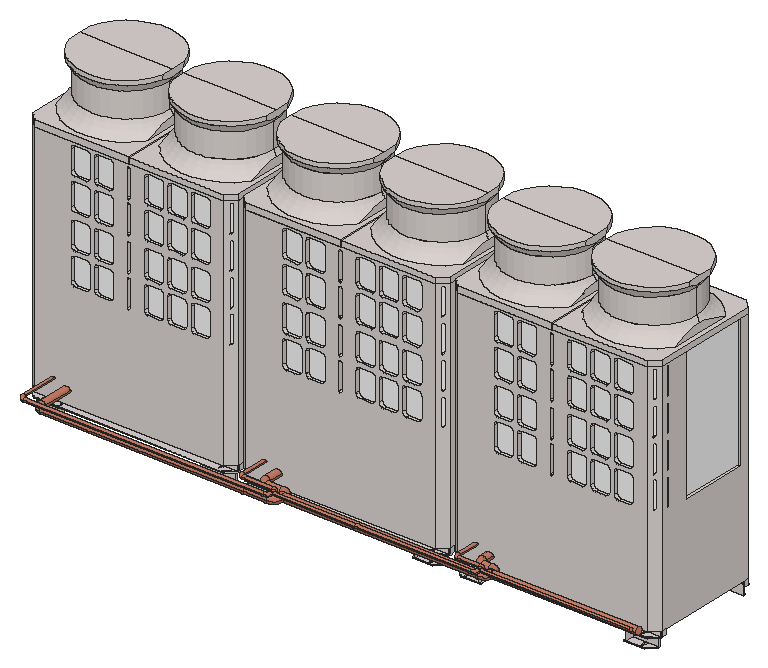
Revit family "PUHY-EP1100YSNW-A1", category 機械設備, Revit 2016 (continued)
Definition of nested family "PUHY-EP400YNW-A1"
  Cuts and joins
    Extrusion 2, Extrusion 3, Extrusion 4, Extrusion 5, Extrusion 6, Extrusion 7, Extrusion 8, Extrusion 9, Extrusion 10, Extrusion 11, Extrusion 12, Extrusion 13, Extrusion 14, Extrusion 15, Extrusion 16, Extrusion 17, Extrusion 18, Extrusion 19, Extrusion 20, Extrusion 21, Extrusion 22, Extrusion 23, Extrusion 24, Extrusion 25, Extrusion 26, Extrusion 27, Extrusion 28, Extrusion 29, Extrusion 30, Extrusion 31, Extrusion 32, Extrusion 33 cuts Extrusion 1
  Lines and regions (mm)
    model lines
      curve 1: line (-351, -291, 95) -> (-481, -291, 95)
      curve 2: line (-342, -206, 95) -> (-342, -282, 95)
      curve 3: line (-481, -197, 95) -> (-351, -197, 95)
      curve 4: line (-492, -280, 95) -> (-492, -208, 95)
      curve 5: arc (-492, -280, 95) -> (-488.778, -287.778, 95) -> (-481, -291, 95) r 11
      curve 6: arc (-351, -291, 95) -> (-344.636, -288.364, 95) -> (-342, -282, 95) r 9
      curve 7: arc (-342, -206, 95) -> (-344.636, -199.636, 95) -> (-351, -197, 95) r 9
      curve 8: arc (-481, -197, 95) -> (-488.778, -200.222, 95) -> (-492, -208, 95) r 11
      curve 9: line (-30, -370, 1521) -> (-30, -370, 95)
      curve 10: line (30, -370, 1521) -> (30, -370, 95)
      curve 11: line (-485, -370, 215) -> (-357, -370, 215)
      curve 12: line (-495, -370, 141) -> (-495, -370, 205)
      curve 13: line (-357, -370, 131) -> (-485, -370, 131)
      curve 14: line (-347, -370, 205) -> (-347, -370, 141)
      curve 15: arc (-485, -370, 215) -> (-492.071, -370, 212.071) -> (-495, -370, 205) r 10
      curve 16: arc (-495, -370, 141) -> (-492.071, -370, 133.929) -> (-485, -370, 131) r 10
      curve 17: arc (-357, -370, 131) -> (-349.929, -370, 133.929) -> (-347, -370, 141) r 10
      curve 18: arc (-347, -370, 205) -> (-349.929, -370, 212.071) -> (-357, -370, 215) r 10
      curve 19: line (-405, -370, 1521) -> (-405, -370, 716)
      curve 20: line (620, -162.3, 1521) -> (620, -162.3, 95)
      curve 21: line (620, 289.2, 1521) -> (620, 289.2, 95)
      curve 22: line (620, -162.3, 705) -> (620, 289.2, 705)
      curve 23: line (620, -162.3, 725) -> (620, 289.2, 725)
      curve 24: line (620, -76.8, 583) -> (620, 203.2, 583)
      curve 25: line (620, 203.2, 563) -> (620, -76.8, 563)
      curve 26: arc (620, -76.8, 583) -> (620, -83.871, 580.071) -> (620, -86.8, 573) r 10
      curve 27: arc (620, -76.8, 563) -> (620, -83.871, 565.929) -> (620, -86.8, 573) r 10
      curve 28: arc (620, 203.2, 583) -> (620, 210.271, 580.071) -> (620, 213.2, 573) r 10
      curve 29: arc (620, 203.2, 563) -> (620, 210.271, 565.929) -> (620, 213.2, 573) r 10
      curve 30: line (620, -76.8, 478) -> (620, 203.2, 478)
      curve 31: line (620, 203.2, 458) -> (620, -76.8, 458)
      curve 32: arc (620, -76.8, 478) -> (620, -83.871, 475.071) -> (620, -86.8, 468) r 10
      curve 33: arc (620, -76.8, 458) -> (620, -83.871, 460.929) -> (620, -86.8, 468) r 10
      curve 34: arc (620, 203.2, 478) -> (620, 210.271, 475.071) -> (620, 213.2, 468) r 10
      curve 35: arc (620, 203.2, 458) -> (620, 210.271, 460.929) -> (620, 213.2, 468) r 10
      curve 36: line (620, -76.8, 373) -> (620, 203.2, 373)
      curve 37: line (620, 203.2, 353) -> (620, -76.8, 353)
      curve 38: arc (620, -76.8, 373) -> (620, -83.871, 370.071) -> (620, -86.8, 363) r 10
      curve 39: arc (620, -76.8, 353) -> (620, -83.871, 355.929) -> (620, -86.8, 363) r 10
      curve 40: arc (620, 203.2, 373) -> (620, 210.271, 370.071) -> (620, 213.2, 363) r 10
      curve 41: arc (620, 203.2, 353) -> (620, 210.271, 355.929) -> (620, 213.2, 363) r 10
      curve 42: line (620, -76.8, 268) -> (620, 203.2, 268)
      curve 43: line (620, 203.2, 248) -> (620, -76.8, 248)
      curve 44: arc (620, -76.8, 268) -> (620, -83.871, 265.071) -> (620, -86.8, 258) r 10
      curve 45: arc (620, -76.8, 248) -> (620, -83.871, 250.929) -> (620, -86.8, 258) r 10
      curve 46: arc (620, 203.2, 268) -> (620, 210.271, 265.071) -> (620, 213.2, 258) r 10
      curve 47: arc (620, 203.2, 248) -> (620, 210.271, 250.929) -> (620, 213.2, 258) r 10
      curve 48: line (-620, -162.3, 1521) -> (-620, -162.3, 95)
      curve 49: line (-620, 235.7, 1521) -> (-620, 235.7, 95)
      curve 50: line (-620, -112.3, 1521) -> (-620, -112.3, 705)
      curve 51: line (-620, 215.7, 1521) -> (-620, 215.7, 705)
      curve 52: line (-620, 235.7, 705) -> (-620, -162.3, 705)
      curve 53: line (-620, 176.7, 268) -> (-620, -103.3, 268)
      curve 54: line (-620, -103.3, 248) -> (-620, 176.7, 248)
      curve 55: arc (-620, 186.7, 258) -> (-620, 183.771, 265.071) -> (-620, 176.7, 268) r 10
      curve 56: arc (-620, 176.7, 248) -> (-620, 183.771, 250.929) -> (-620, 186.7, 258) r 10
      curve 57: arc (-620, -103.3, 268) -> (-620, -110.371, 265.071) -> (-620, -113.3, 258) r 10
      curve 58: arc (-620, -113.3, 258) -> (-620, -110.371, 250.929) -> (-620, -103.3, 248) r 10
      curve 59: line (-620, 176.7, 373) -> (-620, -103.3, 373)
      curve 60: line (-620, -103.3, 353) -> (-620, 176.7, 353)
      curve 61: arc (-620, 186.7, 363) -> (-620, 183.771, 370.071) -> (-620, 176.7, 373) r 10
      curve 62: arc (-620, 176.7, 353) -> (-620, 183.771, 355.929) -> (-620, 186.7, 363) r 10
      curve 63: arc (-620, -103.3, 373) -> (-620, -110.371, 370.071) -> (-620, -113.3, 363) r 10
      curve 64: arc (-620, -113.3, 363) -> (-620, -110.371, 355.929) -> (-620, -103.3, 353) r 10
      curve 65: line (-620, 176.7, 478) -> (-620, -103.3, 478)
      curve 66: line (-620, -103.3, 458) -> (-620, 176.7, 458)
      curve 67: arc (-620, 186.7, 468) -> (-620, 183.771, 475.071) -> (-620, 176.7, 478) r 10
      curve 68: arc (-620, 176.7, 458) -> (-620, 183.771, 460.929) -> (-620, 186.7, 468) r 10
      curve 69: arc (-620, -103.3, 478) -> (-620, -110.371, 475.071) -> (-620, -113.3, 468) r 10
      curve 70: arc (-620, -113.3, 468) -> (-620, -110.371, 460.929) -> (-620, -103.3, 458) r 10
      curve 71: line (-620, 176.7, 583) -> (-620, -103.3, 583)
      curve 72: line (-620, -103.3, 563) -> (-620, 176.7, 563)
      curve 73: arc (-620, 186.7, 573) -> (-620, 183.771, 580.071) -> (-620, 176.7, 583) r 10
      curve 74: arc (-620, 176.7, 563) -> (-620, 183.771, 565.929) -> (-620, 186.7, 573) r 10
      curve 75: arc (-620, -103.3, 583) -> (-620, -110.371, 580.071) -> (-620, -113.3, 573) r 10
      curve 76: arc (-620, -113.3, 573) -> (-620, -110.371, 565.929) -> (-620, -103.3, 563) r 10
      curve 77: line (-544, 370, 1521) -> (-544, 370, 95)
      curve 78: line (489, 370, 649) -> (30, 370, 649)
      curve 79: line (-30.5, 370, 649) -> (-544, 370, 649)
      curve 80: line (-147.25, 370, 584) -> (-427.25, 370, 584)
      curve 81: line (-427.25, 370, 564) -> (-147.25, 370, 564)
      curve 82: arc (-137.25, 370, 574) -> (-140.179, 370, 581.071) -> (-147.25, 370, 584) r 10
      curve 83: arc (-147.25, 370, 564) -> (-140.179, 370, 566.929) -> (-137.25, 370, 574) r 10
      curve 84: arc (-427.25, 370, 584) -> (-434.321, 370, 581.071) -> (-437.25, 370, 574) r 10
      curve 85: arc (-437.25, 370, 574) -> (-434.321, 370, 566.929) -> (-427.25, 370, 564) r 10
      curve 86: circle (448, -185, 1521) r 15 normal (0, 0, 1)
      curve 87: circle (468, -185, 95) r 26 normal (0, 0, 1)
      curve 88: circle (448, -260, 95) r 32.5 normal (0, 0, 1)
      curve 89: circle (404, -204, 95) r 17 normal (0, 0, 1)
      curve 90: line (-550, -370, 1521) -> (-550, -370, 95)
      curve 91: line (-550, -370, 716) -> (-30, -370, 716)
      curve 92: line (550, -370, 95) -> (550, -370, 1521)
      curve 93: line (30, -370, 716) -> (550, -370, 716)
      curve 94: line (-30.5, 370, 1521) -> (-30.5, 370, 95)
      curve 95: line (30, 370, 1521) -> (30, 370, 95)
      curve 96: line (489, 370, 1521) -> (489, 370, 95)
      curve 97: line (467, 370, 669) -> (467, 370, 649)
      curve 98: line (-352, -370, 223) -> (-550, -370, 223)
      curve 99: line (-342, -370, 213) -> (-342, -370, 95)
      curve 100: arc (-342, -370, 213) -> (-344.929, -370, 220.071) -> (-352, -370, 223) r 10
      curve 101: circle (488, -370, 160) r 32.5 normal (0, -1, 0)
      curve 102: circle (488, -370, 160) r 20 normal (0, -1, 0)
      curve 103: circle (364, -370, 150) r 17 normal (0, -1, 0)
      curve 104: circle (413, -370, 185) r 26 normal (0, -1, 0)
      curve 105: circle (413, -370, 185) r 13.5 normal (0, -1, 0)
      curve 106: line (352, -370, 223) -> (550, -370, 223)
      curve 107: line (342, -370, 213) -> (342, -370, 95)
      curve 108: arc (342, -370, 213) -> (344.929, -370, 220.071) -> (352, -370, 223) r 10
      curve 109: line (-147.25, 370, 479) -> (-427.25, 370, 479)
      curve 110: line (-427.25, 370, 459) -> (-147.25, 370, 459)
      curve 111: arc (-137.25, 370, 469) -> (-140.179, 370, 476.071) -> (-147.25, 370, 479) r 10
      curve 112: arc (-147.25, 370, 459) -> (-140.179, 370, 461.929) -> (-137.25, 370, 469) r 10
      curve 113: arc (-427.25, 370, 479) -> (-434.321, 370, 476.071) -> (-437.25, 370, 469) r 10
      curve 114: arc (-437.25, 370, 469) -> (-434.321, 370, 461.929) -> (-427.25, 370, 459) r 10
      curve 115: line (-147.25, 370, 374) -> (-427.25, 370, 374)
      curve 116: line (-427.25, 370, 354) -> (-147.25, 370, 354)
      curve 117: arc (-137.25, 370, 364) -> (-140.179, 370, 371.071) -> (-147.25, 370, 374) r 10
      curve 118: arc (-147.25, 370, 354) -> (-140.179, 370, 356.929) -> (-137.25, 370, 364) r 10
      curve 119: arc (-427.25, 370, 374) -> (-434.321, 370, 371.071) -> (-437.25, 370, 364) r 10
      curve 120: arc (-437.25, 370, 364) -> (-434.321, 370, 356.929) -> (-427.25, 370, 354) r 10
      curve 121: line (-147.25, 370, 269) -> (-427.25, 370, 269)
      curve 122: line (-427.25, 370, 249) -> (-147.25, 370, 249)
      curve 123: arc (-137.25, 370, 259) -> (-140.179, 370, 266.071) -> (-147.25, 370, 269) r 10
      curve 124: arc (-147.25, 370, 249) -> (-140.179, 370, 251.929) -> (-137.25, 370, 259) r 10
      curve 125: arc (-427.25, 370, 269) -> (-434.321, 370, 266.071) -> (-437.25, 370, 259) r 10
      curve 126: arc (-437.25, 370, 259) -> (-434.321, 370, 251.929) -> (-427.25, 370, 249) r 10
      curve 127: line (399.5, 370, 584) -> (119.5, 370, 584)
      curve 128: line (119.5, 370, 564) -> (399.5, 370, 564)
      curve 129: arc (409.5, 370, 574) -> (406.571, 370, 581.071) -> (399.5, 370, 584) r 10
      curve 130: arc (399.5, 370, 564) -> (406.571, 370, 566.929) -> (409.5, 370, 574) r 10
      curve 131: arc (119.5, 370, 584) -> (112.429, 370, 581.071) -> (109.5, 370, 574) r 10
      curve 132: arc (109.5, 370, 574) -> (112.429, 370, 566.929) -> (119.5, 370, 564) r 10
      curve 133: line (399.5, 370, 479) -> (119.5, 370, 479)
      curve 134: line (119.5, 370, 459) -> (399.5, 370, 459)
      curve 135: arc (409.5, 370, 469) -> (406.571, 370, 476.071) -> (399.5, 370, 479) r 10
      curve 136: arc (399.5, 370, 459) -> (406.571, 370, 461.929) -> (409.5, 370, 469) r 10
      curve 137: arc (119.5, 370, 479) -> (112.429, 370, 476.071) -> (109.5, 370, 469) r 10
      curve 138: arc (109.5, 370, 469) -> (112.429, 370, 461.929) -> (119.5, 370, 459) r 10
      curve 139: line (399.5, 370, 374) -> (119.5, 370, 374)
      curve 140: line (119.5, 370, 354) -> (399.5, 370, 354)
      curve 141: arc (409.5, 370, 364) -> (406.571, 370, 371.071) -> (399.5, 370, 374) r 10
      curve 142: arc (399.5, 370, 354) -> (406.571, 370, 356.929) -> (409.5, 370, 364) r 10
      curve 143: arc (119.5, 370, 374) -> (112.429, 370, 371.071) -> (109.5, 370, 364) r 10
      curve 144: arc (109.5, 370, 364) -> (112.429, 370, 356.929) -> (119.5, 370, 354) r 10
      curve 145: line (399.5, 370, 269) -> (119.5, 370, 269)
      curve 146: line (119.5, 370, 249) -> (399.5, 370, 249)
      curve 147: arc (409.5, 370, 259) -> (406.571, 370, 266.071) -> (399.5, 370, 269) r 10
      curve 148: arc (399.5, 370, 249) -> (406.571, 370, 251.929) -> (409.5, 370, 259) r 10
      curve 149: arc (119.5, 370, 269) -> (112.429, 370, 266.071) -> (109.5, 370, 259) r 10
      curve 150: arc (109.5, 370, 259) -> (112.429, 370, 251.929) -> (119.5, 370, 249) r 10
      curve 151: line (399.5, -370, 584) -> (119.5, -370, 584)
      curve 152: line (119.5, -370, 564) -> (399.5, -370, 564)
      curve 153: arc (409.5, -370, 574) -> (406.571, -370, 581.071) -> (399.5, -370, 584) r 10
      curve 154: arc (399.5, -370, 564) -> (406.571, -370, 566.929) -> (409.5, -370, 574) r 10
      curve 155: arc (119.5, -370, 584) -> (112.429, -370, 581.071) -> (109.5, -370, 574) r 10
      curve 156: arc (109.5, -370, 574) -> (112.429, -370, 566.929) -> (119.5, -370, 564) r 10
      curve 157: line (399.5, -370, 479) -> (119.5, -370, 479)
      curve 158: line (119.5, -370, 459) -> (399.5, -370, 459)
      curve 159: arc (409.5, -370, 469) -> (406.571, -370, 476.071) -> (399.5, -370, 479) r 10
      curve 160: arc (399.5, -370, 459) -> (406.571, -370, 461.929) -> (409.5, -370, 469) r 10
      curve 161: arc (119.5, -370, 479) -> (112.429, -370, 476.071) -> (109.5, -370, 469) r 10
      curve 162: arc (109.5, -370, 469) -> (112.429, -370, 461.929) -> (119.5, -370, 459) r 10
      curve 163: line (399.5, -370, 374) -> (119.5, -370, 374)
      curve 164: line (119.5, -370, 354) -> (399.5, -370, 354)
      curve 165: arc (409.5, -370, 364) -> (406.571, -370, 371.071) -> (399.5, -370, 374) r 10
      curve 166: arc (399.5, -370, 354) -> (406.571, -370, 356.929) -> (409.5, -370, 364) r 10
      curve 167: arc (119.5, -370, 374) -> (112.429, -370, 371.071) -> (109.5, -370, 364) r 10
      curve 168: arc (109.5, -370, 364) -> (112.429, -370, 356.929) -> (119.5, -370, 354) r 10
      curve 169: arc (119.5, -370, 269) -> (112.429, -370, 266.071) -> (109.5, -370, 259) r 10
      curve 170: arc (109.5, -370, 259) -> (112.429, -370, 251.929) -> (119.5, -370, 249) r 10
      curve 171: line (-147.25, -370, 584) -> (-427.25, -370, 584)
      curve 172: line (-427.25, -370, 564) -> (-147.25, -370, 564)
      curve 173: arc (-137.25, -370, 574) -> (-140.179, -370, 581.071) -> (-147.25, -370, 584) r 10
      curve 174: arc (-147.25, -370, 564) -> (-140.179, -370, 566.929) -> (-137.25, -370, 574) r 10
      curve 175: arc (-427.25, -370, 584) -> (-434.321, -370, 581.071) -> (-437.25, -370, 574) r 10
      curve 176: arc (-437.25, -370, 574) -> (-434.321, -370, 566.929) -> (-427.25, -370, 564) r 10
      curve 177: line (-147.25, -370, 479) -> (-427.25, -370, 479)
      curve 178: line (-427.25, -370, 459) -> (-147.25, -370, 459)
      curve 179: arc (-137.25, -370, 469) -> (-140.179, -370, 476.071) -> (-147.25, -370, 479) r 10
      curve 180: arc (-147.25, -370, 459) -> (-140.179, -370, 461.929) -> (-137.25, -370, 469) r 10
      curve 181: arc (-427.25, -370, 479) -> (-434.321, -370, 476.071) -> (-437.25, -370, 469) r 10
      curve 182: arc (-437.25, -370, 469) -> (-434.321, -370, 461.929) -> (-427.25, -370, 459) r 10
      curve 183: line (-147.25, -370, 374) -> (-427.25, -370, 374)
      curve 184: line (-427.25, -370, 354) -> (-147.25, -370, 354)
      curve 185: arc (-137.25, -370, 364) -> (-140.179, -370, 371.071) -> (-147.25, -370, 374) r 10
      curve 186: arc (-147.25, -370, 354) -> (-140.179, -370, 356.929) -> (-137.25, -370, 364) r 10
      curve 187: arc (-427.25, -370, 374) -> (-434.321, -370, 371.071) -> (-437.25, -370, 364) r 10
      curve 188: arc (-437.25, -370, 364) -> (-434.321, -370, 356.929) -> (-427.25, -370, 354) r 10
      curve 189: line (-147.25, -370, 269) -> (-262.25, -370, 269)
      curve 190: line (-262.25, -370, 249) -> (-147.25, -370, 249)
      curve 191: arc (-137.25, -370, 259) -> (-140.179, -370, 266.071) -> (-147.25, -370, 269) r 10
      curve 192: arc (-147.25, -370, 249) -> (-140.179, -370, 251.929) -> (-137.25, -370, 259) r 10
      curve 193: arc (-262.25, -370, 269) -> (-269.321, -370, 266.071) -> (-272.25, -370, 259) r 10
      curve 194: arc (-272.25, -370, 259) -> (-269.321, -370, 251.929) -> (-262.25, -370, 249) r 10
      curve 195: line (234.5, -370, 269) -> (119.5, -370, 269)
      curve 196: line (119.5, -370, 249) -> (234.5, -370, 249)
      curve 197: arc (244.5, -370, 259) -> (241.571, -370, 266.071) -> (234.5, -370, 269) r 10
      curve 198: arc (234.5, -370, 249) -> (241.571, -370, 251.929) -> (244.5, -370, 259) r 10
  Dimensions and locks
    nested 2 to nested 2 = 303.000 mm
    cut or joined group 1 (Extrusion 1, Extrusion 2, Extrusion 3, Extrusion 4, Extrusion 5, Extrusion 6, Extrusion 7, Extrusion 8, Extrusion 9, Extrusion 10, Extrusion 11, Extrusion 12, Extrusion 13, Extrusion 14, Extrusion 15, Extrusion 16, Extrusion 17, Extrusion 18, Extrusion 19, Extrusion 20, Extrusion 21, Extrusion 22, Extrusion 23, Extrusion 24, Extrusion 25, Extrusion 26, Extrusion 27, Extrusion 28, Extrusion 29, Extrusion 30, Extrusion 31, Extrusion 32, Extrusion 33) to cut or joined group 1 = 1240.000 mm
    Extrusion 2 sketch curve to Extrusion 2 sketch curve = 116.800 mm
    Extrusion 2 sketch curve to Extrusion 2 sketch curve = 170.800 mm
    Extrusion 3 sketch curve to Extrusion 3 sketch curve = 116.800 mm
    Extrusion 3 sketch curve to Extrusion 3 sketch curve = 170.800 mm
    Extrusion 4 sketch curve to Extrusion 4 sketch curve = 116.800 mm
    Extrusion 4 sketch curve to Extrusion 4 sketch curve = 170.800 mm
    Extrusion 5 sketch curve to Extrusion 5 sketch curve = 116.800 mm
    Extrusion 5 sketch curve to Extrusion 5 sketch curve = 170.800 mm
    Extrusion 6 sketch curve to Extrusion 6 sketch curve = 116.800 mm
    Extrusion 6 sketch curve to Extrusion 6 sketch curve = 170.800 mm
    Extrusion 7 sketch curve to Extrusion 7 sketch curve = 116.800 mm
    Extrusion 7 sketch curve to Extrusion 7 sketch curve = 170.800 mm
    Extrusion 8 sketch curve to Extrusion 8 sketch curve = 116.800 mm
    Extrusion 8 sketch curve to Extrusion 8 sketch curve = 170.800 mm
    Extrusion 9 sketch curve to Extrusion 9 sketch curve = 116.800 mm
    Extrusion 9 sketch curve to Extrusion 9 sketch curve = 170.800 mm
    cut or joined group 1 to cut or joined group 1 = 50.000 mm  (x2)
    Extrusion 10 sketch curve to Extrusion 10 sketch curve = 116.800 mm
    Extrusion 10 sketch curve to Extrusion 10 sketch curve = 170.800 mm
    Extrusion 11 sketch curve to Extrusion 11 sketch curve = 116.800 mm
    Extrusion 11 sketch curve to Extrusion 11 sketch curve = 170.800 mm
    Extrusion 12 sketch curve to Extrusion 12 sketch curve = 116.800 mm
    Extrusion 12 sketch curve to Extrusion 12 sketch curve = 170.800 mm
    Extrusion 13 sketch curve to Extrusion 13 sketch curve = 116.800 mm
    Extrusion 13 sketch curve to Extrusion 13 sketch curve = 170.800 mm
    Extrusion 14 sketch curve to Extrusion 14 sketch curve = 116.800 mm
    Extrusion 14 sketch curve to Extrusion 14 sketch curve = 170.800 mm
    Extrusion 15 sketch curve to Extrusion 15 sketch curve = 116.800 mm
    Extrusion 15 sketch curve to Extrusion 15 sketch curve = 170.800 mm
    Extrusion 16 sketch curve to Extrusion 16 sketch curve = 116.800 mm
    Extrusion 16 sketch curve to Extrusion 16 sketch curve = 170.800 mm
    Extrusion 17 sketch curve to Extrusion 17 sketch curve = 116.800 mm
    Extrusion 17 sketch curve to Extrusion 17 sketch curve = 170.800 mm
    Extrusion 18 sketch curve to Extrusion 18 sketch curve = 116.800 mm
    Extrusion 18 sketch curve to Extrusion 18 sketch curve = 170.800 mm
    Extrusion 19 sketch curve to Extrusion 19 sketch curve = 116.800 mm
    Extrusion 19 sketch curve to Extrusion 19 sketch curve = 170.800 mm
    Extrusion 20 sketch curve to Extrusion 20 sketch curve = 116.800 mm
    Extrusion 20 sketch curve to Extrusion 20 sketch curve = 170.800 mm
    Extrusion 21 sketch curve to Extrusion 21 sketch curve = 116.800 mm
    Extrusion 21 sketch curve to Extrusion 21 sketch curve = 170.800 mm
    plane 3 "Center (Left/Right)" to cut or joined group 1 = 620.000 mm
    cut or joined group 1 to plane 3 "Center (Left/Right)" = 620.000 mm
    Extrusion 1 sketch curve to Extrusion 1 sketch curve = 1240.000 mm
    cut or joined group 1 to plane 8 = 185.000 mm
    cut or joined group 1 to plane 7 = 166.000 mm
    cut or joined group 1 to plane 6 = 110.000 mm
    cut or joined group 1 to plane 12 to cut or joined group 1 = 805.000 mm, 621.000 mm
    plane 5 to plane 2 = 1858.000 mm  (x2)
    cut or joined group 1 to plane 19 "132" = 132.000 mm
    cut or joined group 1 to plane 22 = 207.000 mm
    cut or joined group 1 to plane 23 = 256.000 mm
    cut or joined group 1 to plane 6 = 60.000 mm
    cut or joined group 1 to cut or joined group 1 = 42.154 mm
    cut or joined group 1 to cut or joined group 1 = 11.895 mm
    nested 1 to nested 3 to level = 1798.000 mm, 60.000 mm
    nested 1 to nested 1 = 303.000 mm
    nested 1 to nested 3 = 1495.000 mm
    nested 8 to nested 8 to nested 8 to nested 7 to nested 7 to nested 7 = 54.000 mm, 20.000 mm, 592.000 mm, 20.000 mm, 54.000 mm
    nested 3 to nested 3 = 56.000 mm
    plane 11 to plane 31 to plane 32 to cut or joined group 1 = 90.000 mm, 1060.000 mm, 90.000 mm
    curve 103 to nested 7 = 90.000 mm
    curve 104 to nested 7 = 125.000 mm
    curve 101 to nested 7 = 100.000 mm
    curve 11 to curve 13 to nested 7 = 84.000 mm, 71.000 mm
    cut or joined group 1 to curve 12 to curve 14 = 125.000 mm, 148.000 mm
    nested 2 to nested 7 = 1495.000 mm
    curve 87 to cut or joined group 1 = 152.000 mm
    curve 88 to cut or joined group 1 = 172.000 mm
    curve 89 to cut or joined group 1 = 216.000 mm
    cut or joined group 1 to curve 4 to curve 2 = 128.000 mm, 150.000 mm
    cut or joined group 1 to curve 1 to curve 3 = 79.000 mm, 94.000 mm
    Extrusion 32 sketch curve to nested 7 = 116.000 mm
    cut or joined group 1 to Extrusion 32 sketch curve = 160.000 mm
    cut or joined group 1 to Extrusion 33 sketch curve = 243.000 mm
    Extrusion 33 sketch curve to nested 7 = 116.000 mm
    aligned and locked: level to plane 2
    aligned and locked: Extrusion 1 to plane 4
  Nested families
    nested 1: "FAN GUARD" at (-311.5, 2, 860), type "FAN GUARD"
      with WIDTH 870.000 mm
    nested 2: "FAN GUARD" at (311.5, 2, 860) x (-1, 0, 0) z (0, 0, 1), type "FAN GUARD"
      with WIDTH 870.000 mm
    nested 3: "ATTACHMENT LEG" at (-524, -349, 0), type "ATTACHMENT LEG"
    nested 4: "ATTACHMENT LEG" at (-524, 349, 0), type "ATTACHMENT LEG"
    nested 5: "ATTACHMENT LEG" at (524, -349, 0) x (-1, 0, 0) z (0, 0, 1), type "ATTACHMENT LEG"
    nested 6: "ATTACHMENT LEG" at (524, 349, 0) x (-1, 0, 0) z (0, 0, 1), type "ATTACHMENT LEG"
    nested 7: "BASE LEG_L_" at (0, -352, 60), type "BASE LEG_L_"
      with Width 1240.000 mm
    nested 8: "BASE LEG_L_" at (0, 352, 60), type "BASE LEG_L_"
      with Width 1240.000 mm
  Connectors
    piping at (-460, -191, 176), diameter 25.4, driven by "Liquid pipe_radius"
      settings: on cut or joined group 1, index 3, connector inside diameter 25.4 mm, connector length 0.000 mm, flow factor 0, pipe flow 0.0 L/s, pressure drop 0.0 Pa, fitting loss kfactor 0, connector angle 0.00°, fixture units 0, engagement length 0.000 mm, angle of deflection 0.00°, flow configuration 0, flow direction 0, fitting loss method 0, system type 22, joint type 0, gender type 0, connector reference index -1, connector utility 0, adjustable connector no, is connector primary yes, connector description "Refrigerant service valve<Liquid pipe>"
    piping at (-377, -191, 176), diameter 28.58, driven by "Gas pipe_radius"
      settings: on cut or joined group 1, index 4, connector inside diameter 28.58 mm, connector length 0.000 mm, flow factor 0, pipe flow 0.0 L/s, pressure drop 0.0 Pa, fitting loss kfactor 0, connector angle 0.00°, fixture units 0, engagement length 0.000 mm, angle of deflection 0.00°, flow configuration 0, flow direction 0, fitting loss method 0, system type 22, joint type 0, gender type 0, connector reference index -1, connector utility 0, adjustable connector no, is connector primary no, connector description "Refrigerant service valve<Gas>"
    electrical at (0, -370, 808)
      settings: on cut or joined group 1, index 5, voltage 0 V, apparent load 0 VA, apparent load phase1 0 VA, apparent load phase2 0 VA, apparent load phase3 0 VA, power factor 1, load classification none, number of poles 1, system type 30, power factor state 1, is connector primary yes, connector utility no, sub classification motor no, connector description ""
  Definition of nested family "FAN GUARD"
    Parameters
      WIDTH [instance] = 870.000 mm
    Reference planes
      plane 1 "中心(正面/背面)": y = -2
      plane 2: z = 0
      plane 3 "ファンガード基準面": z = 661
      plane 4: y = 368
      plane 5: x = 366
      plane 6: x = -375
      plane 7 "ファンガード基準上面": z = 695
      plane 8 "ファンガード上面": z = 998
      plane 9: x = -273.971
      plane 10: x = 308.5
      plane 11: x = -308.5
      plane 12: x = 0
    Forms (mm)
      Extrusion 1, solid
        sketch origin (85, 0, 661) x (-1, 0, 0) y (0, -1, 0)
          loop
            line (343.5, -368) -> (393.5, -318) -> (393.5, 322) -> (343.5, 372) -> (-223.5, 372) -> (-223.5, -368) -> (343.5, -368)
        from 0 to 34
      Revolve 2, solid
        sketch origin (0, -2, 0) x (1, 0, 0) y (0, 0, 1)
          loop
            line (0, 695) -> (0, 998) -> (-290, 998) -> (-290, 972.327) -> (-260, 928.372) -> (-260, 777.384)
            arc (-260, 777.384) -> (-290.651, 730.137) -> (-334.665, 695) r 175.882
            line (-334.665, 695) -> (0, 695)
          axis (0, 998) -> (0, 695)
        angle from 0 to 360
      Extrusion 3, void
        sketch origin (-840, 75, 695) x (-1, 0, 0) y (0, -1, 0)
          loop
            line (-410, -165) -> (-410, 315) -> (-561.253, 315) -> (-561.253, -165) -> (-410, -165)
        from -35 to 430.592
      Extrusion 4, void
        sketch origin (840, 75, 695) x (1, 0, 0) y (0, 1, 0)
          loop
            line (-410, 165) -> (-561.253, 165) -> (-561.253, -315) -> (-410, -315) -> (-410, 165)
        from 0 to 430.592
    Cuts and joins
      Extrusion 3, Extrusion 4 cuts Revolve 2
      Extrusion 4 cuts Extrusion 1
    Lines and regions (mm)
      model lines
        curve 1: line (-278.747, 0, 998) -> (-80, 0, 998)
        curve 2: line (80, 0, 998) -> (278.747, 0, 998)
        curve 3: circle (0, 0, 998) r 80 normal (0, 0, 1)
        curve 4: line (-278.747, -80, 998) -> (278.747, -80, 998)
        curve 5: line (-241.868, -160, 998) -> (241.868, -160, 998)
        curve 6: line (-162.788, -240, 998) -> (162.788, -240, 998)
        curve 7: line (-278.747, 80, 998) -> (278.747, 80, 998)
        curve 8: line (-241.868, 160, 998) -> (240, 160, 998)
        curve 9: line (-160, 240, 998) -> (162.788, 240, 998)
        curve 10: line (0, 290, 998) -> (0, -290, 998)
        curve 11: line (-20, 289.31, 998) -> (-20, -289.31, 998)
        curve 12: line (-40, 287.228, 998) -> (-40, -287.228, 998)
        curve 13: line (-60, 283.725, 998) -> (-60, -283.725, 998)
        curve 14: line (-80, 278.747, 998) -> (-80, -278.747, 998)
        curve 15: line (20, 289.31, 998) -> (20, -289.31, 998)
        curve 16: line (40, 287.228, 998) -> (40, -287.228, 998)
        curve 17: line (60, 283.725, 998) -> (60, -283.725, 998)
        curve 18: line (80, 278.747, 998) -> (80, -278.747, 998)
        curve 19: line (100, 272.213, 998) -> (100, -272.213, 998)
        curve 20: line (120, 264.008, 998) -> (120, -264.008, 998)
        curve 21: line (140, 253.969, 998) -> (140, -253.969, 998)
        curve 22: line (160, 241.868, 998) -> (160, -243.132, 998)
        curve 23: line (180, 227.376, 998) -> (180, -227.624, 998)
        curve 24: line (200, 210, 998) -> (200, -210, 998)
        curve 25: line (220, 188.944, 998) -> (220, -188.944, 998)
        curve 26: line (240, 160, 998) -> (240, -162.788, 998)
        curve 27: line (260, 128.452, 998) -> (260, -128.452, 998)
        curve 28: line (-100, 272.213, 998) -> (-100, -272.213, 998)
        curve 29: line (-120, 264.008, 998) -> (-120, -264.008, 998)
        curve 30: line (-140, 253.969, 998) -> (-140, -253.969, 998)
        curve 31: line (-160, 240, 998) -> (-160, -241.868, 998)
        curve 32: line (-180, 227.376, 998) -> (-180, -227.376, 998)
        curve 33: line (-200, 210, 998) -> (-200, -210, 998)
        curve 34: line (-220, 188.944, 998) -> (-220, -188.944, 998)
        curve 35: line (-240, 162.788, 998) -> (-240, -162.788, 998)
        curve 36: line (-260, 128.452, 998) -> (-260, -128.452, 998)
        curve 37: line (10, 79.373, 998) -> (10, -79.373, 998)
        curve 38: line (-10, 79.373, 998) -> (-10, -79.373, 998)
        curve 39: line (30, 74.162, 998) -> (30, -74.162, 998)
        curve 40: line (50, 62.45, 998) -> (50, -62.45, 998)
        curve 41: line (70, 38.73, 998) -> (70, -38.73, 998)
        curve 42: line (-30, 74.162, 998) -> (-30, -74.162, 998)
        curve 43: line (-50, 62.45, 998) -> (-50, -62.45, 998)
        curve 44: line (-70, 38.73, 998) -> (-70, -38.73, 998)
    Dimensions and locks
      locked: plane 8 "ファンガード上面" to plane 7 "ファンガード基準上面" at 303
      plane 8 "ファンガード上面" to plane 3 "ファンガード基準面" = 337.000 mm
      Revolve 2 sketch curve to Revolve 2 sketch curve = 290.000 mm
      Extrusion 1 sketch curve to Extrusion 1 sketch curve = 740.000 mm
      equal spacing: Extrusion 1 sketch curve, plane 1 "中心(正面/背面)", Extrusion 1 sketch curve
      plane 6 to plane 5 = 741.000 mm
      Extrusion 1 sketch curve to Extrusion 1 sketch curve = 617.000 mm
      plane 11 to plane 10 = 617.000 mm
      cut or joined group of Extrusion 1, Extrusion 4 to cut or joined group of Extrusion 1, Extrusion 4 = 617.000 mm
      cut or joined group of Extrusion 1, Extrusion 4 to cut or joined group of Extrusion 1, Extrusion 4 = 740.000 mm
      aligned and locked: level to plane 2
      aligned and locked: plane 7 "ファンガード基準上面" to Extrusion 1
      aligned and locked: plane 3 "ファンガード基準面" to Extrusion 1
      aligned and locked: cut or joined group of Revolve 2, Extrusion 3, Extrusion 4 to plane 8 "ファンガード上面"
  Definition of nested family "ATTACHMENT LEG"
    Parameters
      Width = 145.000 mm
    Reference planes
      plane 1: z = 0
      plane 2 "中心(左/右)": x = -6
      plane 3: x = -52
      plane 4: x = 85
      plane 5: x = 93
      plane 6: y = -21
      plane 7: y = 27
      plane 8: x = -30
      plane 9: y = 39
      plane 10: z = 60
      plane 11: z = 57
      plane 12: z = 3
      plane 13: x = 82
      plane 14: y = 36
      plane 15: x = -75
      plane 16: y = 31
      plane 17 "幅": x = 93
      plane 18: y = 2.5
      plane 19: y = 21
      plane 20: y = -10
    Forms (mm)
      Extrusion 1, solid
        sketch origin (0, -1, 0) x (1, 0, 0) y (0, 1, 0)
          loop
            line (-75, 36) -> (-75, 27) -> (-28, -20) -> (93, -20) -> (93, 32) -> (85, 32) -> (85, 36) -> (-75, 36)
        from 0 to 60
      Extrusion 2, void
        sketch origin (0, -3, 0) x (1, 0, 0) y (0, 0, 1)
          loop
            line (-75, 57) -> (-75, 3) -> (82, 3) -> (82, 57) -> (-75, 57)
          loop
            line (93, 57) -> (85, 57) -> (85, 3) -> (93, 3) -> (93, 57)
        from -35 to 18
      Extrusion 3, void
        sketch origin (-6, 5.5, 0) x (1, 0, 0) y (0, 1, 0)
          loop
            arc (-7, -8.5) -> (0, -15.5) -> (7, -8.5) r 7
            line (7, -8.5) -> (7, 8.5)
            arc (7, 8.5) -> (0, 15.5) -> (-7, 8.5) r 7
            line (-7, 8.5) -> (-7, -8.5)
        from 0 to 60
    Cuts and joins
      Extrusion 2, Extrusion 3 cuts Extrusion 1
    Dimensions and locks
      locked: plane 3 to plane 4 at 137
      locked: plane 3 to plane 5 at 145
      plane 6 to plane 7 = 48.000 mm
      locked: plane 10 to level at 60
      Extrusion 3 sketch curve to plane 2 "中心(左/右)" = 7.000 mm
      locked: plane 15 to plane 2 "中心(左/右)" at 69
      locked: plane 15 to plane 8 at 45
      locked: plane 6 to plane 18 at 23.5
      cut or joined group of Extrusion 1, Extrusion 2, Extrusion 3 to cut or joined group of Extrusion 1, Extrusion 2, Extrusion 3 = 168.000 mm
      cut or joined group of Extrusion 1, Extrusion 2, Extrusion 3 to cut or joined group of Extrusion 1, Extrusion 2, Extrusion 3 = 56.000 mm  (x2)
      plane 14 to plane 6 = 57.000 mm
      aligned and locked: level to plane 1
      aligned and locked: Extrusion 1 sketch curve to plane 4
      aligned and locked: Extrusion 1 sketch curve to plane 5
      aligned: plane 8 to Extrusion 1 sketch curve
      aligned and locked: plane 10 to Extrusion 1
      aligned and locked: Extrusion 2 sketch curve to plane 11
      aligned: plane 3 to Extrusion 2 sketch curve
      aligned and locked: plane 12 to Extrusion 2 sketch curve
      aligned and locked: Extrusion 2 sketch curve to plane 13
      aligned and locked: plane 6 to Extrusion 2
      aligned and locked: plane 11 to Extrusion 2 sketch curve
      aligned and locked: plane 5 to Extrusion 2 sketch curve
      aligned and locked: Extrusion 2 sketch curve to plane 12
      aligned and locked: Extrusion 2 sketch curve to plane 4
      aligned and locked: plane 15 to Extrusion 1 sketch curve
      aligned and locked: Extrusion 2 sketch curve to cut or joined group of Extrusion 1, Extrusion 2, Extrusion 3
      aligned and locked: Extrusion 1 to plane 16
  Definition of nested family "BASE LEG_L_"
    Parameters
      Width [instance] = 1240.000 mm
    Reference planes
      plane 1 "中心(正面/背面)": y = 0
      plane 2: z = 0
      plane 3 "中心(左/右)": x = 0
      plane 4: x = 620
      plane 5: x = -620
      plane 6: x = -530
      plane 7: x = 530
      plane 8: y = -18
      plane 9: y = 39
      plane 10: z = 53
      plane 11: y = 42
      plane 12: y = 27
      plane 13: x = 575
      plane 14: x = -575
      plane 15: z = 8
      plane 16: y = 11.5
      plane 17: z = 35
    Forms (mm)
      Extrusion 1, solid
        sketch origin (0, 0, 0) x (0, 1, 0) y (0, 0, 1)
          loop
            line (-18, 0) -> (36, 0) -> (36, 32) -> (56, 32) -> (56, 35) -> (33, 35) -> (33, 3) -> (-18, 3) -> (-18, 0)
        from -620 to 620
      Extrusion 2, void
        sketch origin (0, 0, 0) x (1, 0, 0) y (0, 1, 0)
          loop
            line (575, -18) -> (620, -18) -> (620, 27) -> (575, -18)
          loop
            line (-575, -18) -> (-620, 27) -> (-620, -18) -> (-575, -18)
        from 0 to 250
      Extrusion 3, void
        sketch origin (0, 12.023, 0) x (1, 0, 0) y (0, 1, 0)
          loop
            arc (523, -2.971) -> (530, -9.971) -> (537, -2.971) r 7
            line (537, -2.971) -> (537, 3.023)
            arc (537, 3.023) -> (530, 10.023) -> (523, 3.023) r 7
            line (523, 3.023) -> (523, -2.971)
          loop
            line (-523, -2.971) -> (-523, 3.023)
            arc (-523, 3.023) -> (-530, 10.023) -> (-537, 3.023) r 7
            line (-537, 3.023) -> (-537, -2.971)
            arc (-537, -2.971) -> (-530, -9.971) -> (-523, -2.971) r 7
        from 0 to 250
      Extrusion 4, solid
        sketch origin (0, 0, -3) x (1, 0, 0) y (0, 0, 1)
          loop
            line (617, 8) -> (620, 8) -> (620, 35) -> (617, 35) -> (617, 8)
          loop
            line (-617, 8) -> (-617, 35) -> (-620, 35) -> (-620, 8) -> (-617, 8)
        from -36 to -56
      Extrusion 5, solid
        sketch origin (150, 352, 0) x (1, 0, 0) y (0, 1, 0)
          loop
            line (460, -319) -> (455, -319) -> (455, -320) -> (405, -370) -> (410, -370) -> (460, -320) -> (460, -319)
        from 3 to 35
      Extrusion 6, void
        sketch origin (560, -18, 0) x (0.707107, 0.707107, 0) y (0, 0, 1)
          loop
            line (70.711, 3) -> (-6.741, 39.767) -> (-6.741, 3) -> (70.711, 3)
        from -190.256 to 23.776
      Extrusion 7, solid
        sketch origin (-150, 352, 0) x (-1, 0, 0) y (0, -1, 0)
          loop
            line (460, 319) -> (460, 320) -> (410, 370) -> (405, 370) -> (455, 320) -> (455, 319) -> (460, 319)
        from 3 to 35
      Extrusion 8, void
        sketch origin (-560, -18, 0) x (0.707107, -0.707107, 0) y (0, 0, -1)
          loop
            line (-70.711, -3) -> (0, -35) -> (6.741, -35) -> (6.741, -3) -> (-70.711, -3)
        from -190.256 to 23.776
    Cuts and joins
      Extrusion 2, Extrusion 3 cuts Extrusion 1
      joined: Extrusion 1, Extrusion 4
      Extrusion 8 cuts Extrusion 7
      Extrusion 6 cuts Extrusion 5
    Dimensions and locks
      "Width": plane 5 to plane 4
      equal spacing: plane 5, plane 3 "中心(左/右)", plane 4
      locked: plane 5 to plane 6 at 90
      locked: plane 7 to plane 4 at 90
      locked: plane 8 to plane 9 at 57
      locked: plane 10 to level at 53
      locked: plane 9 to plane 11 at 3
      plane 8 to plane 12 = 45.000 mm
      locked: plane 13 to plane 4 at 45
      locked: plane 5 to plane 14 at 45
      equal spacing: Extrusion 3 sketch curve, plane 7, Extrusion 3 sketch curve
      equal spacing: Extrusion 3 sketch curve, plane 6, Extrusion 3 sketch curve
      locked: plane 10 to plane 15 at 45
      locked: cut or joined group of Extrusion 1, Extrusion 2, Extrusion 3, Extrusion 4 to Extrusion 4 sketch curve at 3  (x2)
      locked: plane 8 to plane 16 at 29.5
      plane 8 to plane 11 = 60.000 mm
      cut or joined group of Extrusion 1, Extrusion 2, Extrusion 3, Extrusion 4 to cut or joined group of Extrusion 1, Extrusion 2, Extrusion 3, Extrusion 4 = 35.000 mm
      aligned and locked: level to plane 2
      aligned and locked: plane 8 to Extrusion 1 sketch curve
      aligned and locked: plane 4 to Extrusion 1
      aligned and locked: Extrusion 1 to plane 5
      aligned and locked: Extrusion 2 sketch curve to plane 4
      aligned and locked: Extrusion 2 sketch curve to plane 8
      aligned and locked: plane 12 to Extrusion 2 sketch curve
      aligned and locked: plane 13 to Extrusion 2 sketch curve
      aligned and locked: plane 4 to Extrusion 4 sketch curve
      aligned and locked: plane 5 to Extrusion 4 sketch curve
      aligned and locked: cut or joined group of Extrusion 7, Extrusion 8 to cut or joined group of Extrusion 1, Extrusion 2, Extrusion 3, Extrusion 4
    Automatic sketch dimensions
      Extrusion 3 sketch curve to plane 1 "中心(正面/背面)" = 9.052 mm  (x2)
      Extrusion 3 sketch curve to plane 7 = 7.000 mm
      Extrusion 3 sketch curve to plane 1 "中心(正面/背面)" = 15.046 mm  (x2)
      Extrusion 3 sketch curve to plane 6 = 7.000 mm
      Extrusion 2 sketch curve to plane 5 = 0.000 mm
      plane 8 to Extrusion 2 sketch curve = 0.000 mm
      Extrusion 2 sketch curve to plane 14 = 0.000 mm
      plane 12 to Extrusion 2 sketch curve = 0.000 mm
      Extrusion 4 sketch curve to plane 10 = 21.000 mm
      plane 7 to Extrusion 5 sketch curve = 25.000 mm
      Extrusion 5 sketch curve to Extrusion 5 sketch curve = 5.000 mm  (x2)
      plane 7 to Extrusion 5 sketch curve = 75.000 mm
      plane 8 to Extrusion 5 sketch curve = 0.000 mm
      Extrusion 5 sketch curve to Extrusion 5 sketch curve = 50.000 mm
      Extrusion 5 sketch curve to Extrusion 5 sketch curve = 0.000 mm
      Extrusion 5 sketch curve to Extrusion 5 sketch curve = 1.000 mm
      Extrusion 6 sketch curve to Extrusion 5 = 0.000 mm  (x2)
      Extrusion 6 sketch curve to Extrusion 5 = 6.741 mm
      Extrusion 6 sketch curve to Extrusion 5 = 4.767 mm
      plane 6 to Extrusion 7 sketch curve = 25.000 mm
      Extrusion 7 sketch curve to Extrusion 7 sketch curve = 5.000 mm  (x2)
      Extrusion 7 sketch curve to Extrusion 7 sketch curve = 45.000 mm
      Extrusion 7 sketch curve to plane 8 = 0.000 mm
      Extrusion 7 sketch curve to Extrusion 7 sketch curve = 50.000 mm
      Extrusion 7 sketch curve to Extrusion 7 sketch curve = 0.000 mm
      Extrusion 7 sketch curve to Extrusion 7 sketch curve = 1.000 mm
      Extrusion 8 sketch curve to Extrusion 7 = 0.000 mm  (x2)
      Extrusion 7 to Extrusion 8 sketch curve = 0.000 mm  (x2)
      Extrusion 7 to Extrusion 8 sketch curve = 6.741 mm
      Extrusion 4 sketch curve to plane 17 = 3.000 mm
      Extrusion 4 sketch curve to plane 15 = 3.000 mm  (x2)
      Extrusion 1 sketch curve to plane 17 = 0.000 mm
      Extrusion 1 sketch curve to level = 0.000 mm
      level to Extrusion 1 sketch curve = 3.000 mm
      plane 9 to Extrusion 1 sketch curve = 6.000 mm
      plane 9 to Extrusion 1 sketch curve = 3.000 mm
      Extrusion 1 sketch curve to plane 17 = 3.000 mm
      Extrusion 1 sketch curve to plane 11 = 14.000 mm
Types (6, lengths in mm): name | Voltage | Hertz | Heating Rated Load Ampacity (A) | Heating Current Input (Nominal) (A) | Heating Current Input (A) | Cooling Rated Load Ampacity (A) | Cooling Current Input (A)
  PUHY-EP1100YSNW-A1_380V_50Hz | 380 V | 50 Hz | 55.2 | 45.9 | 55.2 | 55.8 | 55.8
  PUHY-EP1100YSNW-A1_380V_60Hz | 380 V | 60 Hz | 55.2 | 45.9 | 55.2 | 55.8 | 55.8
  PUHY-EP1100YSNW-A1_400V_50Hz | 400 V | 50 Hz | 52.4 | 43.6 | 52.4 | 53 | 53
  PUHY-EP1100YSNW-A1_400V_60Hz | 400 V | 60 Hz | 52.4 | 43.6 | 52.4 | 53 | 53
  PUHY-EP1100YSNW-A1_415V_50Hz | 415 V | 50 Hz | 50.5 | 42 | 50.5 | 51.1 | 51.1
  PUHY-EP1100YSNW-A1_415V_60Hz | 415 V | 60 Hz | 50.5 | 42 | 50.5 | 51.1 | 51.1
